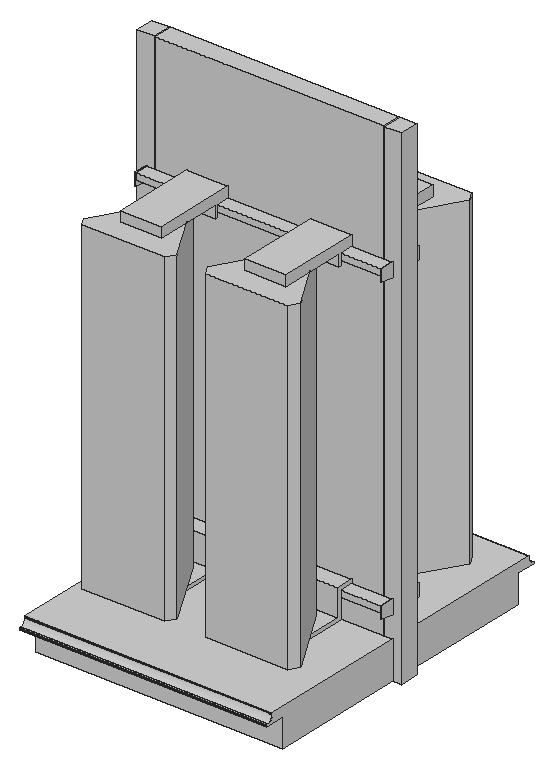
Revit family "RD1", category Specialty Equipment, Revit 2012
Parameters (values of type "Maxi Line Starter (Default)")
  Width = 3' - 0"
  URL = "http://madixinc.com/display/maxiline/core.html"
  Model = "Maxi Line"
  Manufacturer = "© 2012 Madix, Inc. All rights reserved."
  Back [instance] = yes
  "Front" Shelf Depth = 1' - 10"
  "Back" Shelf Depth = 1' - 10"
  Upright Height = 6' - 0"
Reference planes (in)
  plane 1 "Center (Front/Back)": y = 0
  plane 2: z = 0
  plane 3 "Center (Left/Right)": x = 0
  plane 4: y = 1.375
  plane 5: y = -1.375
  plane 6: z = 72
  plane 7: z = 0
  plane 8: y = -24.25
  plane 9: x = -18
  plane 10: x = 18
  plane 11: x = -17.875
  plane 12: x = 17.875
  plane 13: y = 24.25
  plane 14: y = 23.375
  plane 15: y = -23.375
  plane 16: z = 6.70818
  plane 17: z = 54.70818
  plane 18: z = 53.70818
  plane 19: z = 9.70818
  plane 20: z = 10.70818
  plane 21: y = -3.375
  plane 22: y = 3.375
  plane 23: x = -9
  plane 24: x = 9
  plane 25: x = -12
  plane 26: x = -6
  plane 27: x = 6
  plane 28: x = 12
Forms (in)
  Extrusion 1, solid, material "Metal - Steel"
    sketch origin (-24, 1.375, 0) x (1, 0, 0) y (0, 0, 1)
      loop
        line (6, 0) -> (7.25, 0) -> (42, 0) -> (43.25, 0) -> (43.25, 72) -> (40.75, 72) -> (40.75, 0.03125) -> (40.71924, 0.03125) -> (40.71924, 72) -> (7.2815, 72) -> (7.2815, 0.03125) -> (7.25, 0.03125) -> (7.25, 72) -> (4.75, 72) -> (4.75, 0) -> (6, 0)
    from 0 to 2.75
  Extrusion 2, solid, material "Metal - Steel"
    sketch origin (0, 0, 0) x (0, 1, 0) y (0, 0, 1)
      loop
        line (-1.375, 0) -> (-1.375, 5.5) -> (-23.375, 5.5) -> (-23.50139, 5.5) -> (-23.50139, 5.375) -> (-23.375, 5.375)
        arc (-23.375, 5.375) -> (-23.63696, 4.73714) -> (-24.125, 4.25) r 1.75
        line (-24.125, 4.25) -> (-24.125, 4.375) -> (-24.25, 4.375) -> (-24.25, 4.25) -> (-24.25, 4.125) -> (-21.375, 4.125) -> (-21.375, 0) -> (-1.375, 0)
    from -18 to 18
  Extrusion 3, solid, material "Metal - Steel", visible <- "Back"
    sketch origin (0, 0, 0) x (0, -1, 0) y (0, 0, -1)
      loop
        line (-1.375, 0) -> (-21.375, 0) -> (-21.375, -4.125) -> (-24.25, -4.125) -> (-24.25, -4.25) -> (-24.25, -4.375) -> (-24.125, -4.375) -> (-24.125, -4.25)
        arc (-24.125, -4.25) -> (-23.63696, -4.73714) -> (-23.375, -5.375) r 1.75
        line (-23.375, -5.375) -> (-23.50139, -5.375) -> (-23.50139, -5.5) -> (-23.375, -5.5) -> (-1.375, -5.5) -> (-1.375, 0)
    from -18 to 18
  Extrusion 4, solid, material "Metal - Steel"
    sketch origin (0, 0, 0) x (1, 0, 0) y (0, 0, 1)
      loop
        line (-17.875, 54.70818) -> (-17.875, 53.70818) -> (17.875, 53.70818) -> (17.875, 54.70818) -> (-17.875, 54.70818)
      loop
        line (-17.875, 10.70818) -> (-17.875, 9.70818) -> (17.875, 9.70818) -> (17.875, 10.70818) -> (-17.875, 10.70818)
    from 1.375 to 3.375
  Extrusion 5, solid, material "Metal - Steel", visible <- "Back"
    sketch origin (0, 0, 0) x (1, 0, 0) y (0, 0, -1)
      loop
        line (-17.875, -54.70818) -> (17.875, -54.70818) -> (17.875, -53.70818) -> (-17.875, -53.70818) -> (-17.875, -54.70818)
      loop
        line (-17.875, -10.70818) -> (17.875, -10.70818) -> (17.875, -9.70818) -> (-17.875, -9.70818) -> (-17.875, -10.70818)
    from 1.375 to 3.375
  Extrusion 6, solid, material "Metal - Steel"
    sketch origin (0, 0, 0) x (0, 1, 0) y (0, 0, 1)
      loop
        line (-1.375, 54.70818) -> (-3.375, 54.70818) -> (-3.375, 52.95818) -> (-1.375, 52.60553) -> (-1.375, 54.70818)
      loop
        line (-1.375, 10.70818) -> (-3.375, 10.70818) -> (-3.375, 8.95818) -> (-1.375, 8.60553) -> (-1.375, 10.70818)
    from 17.875 to 18
  Extrusion 7, solid, material "Metal - Steel"
    sketch origin (0, 0, 0) x (0, 1, 0) y (0, 0, -1)
      loop
        line (-1.375, -54.70818) -> (-1.375, -52.60553) -> (-3.375, -52.95818) -> (-3.375, -54.70818) -> (-1.375, -54.70818)
      loop
        line (-1.375, -10.70818) -> (-1.375, -8.60553) -> (-3.375, -8.95818) -> (-3.375, -10.70818) -> (-1.375, -10.70818)
    from 17.875 to 18
  Extrusion 8, solid, material "Metal - Steel"
    sketch origin (0, 0, 0) x (0, 1, 0) y (0, 0, 1)
      loop
        line (-3.375, 54.70818) -> (-1.375, 54.70818) -> (-1.375, 56.20818) -> (-13.375, 56.20818) -> (-13.375, 54.70818) -> (-3.625, 54.70818) -> (-3.625, 52.95818) -> (-3.375, 52.95818) -> (-3.375, 54.70818)
    from -12 to -6
  Extrusion 9, solid, material "Metal - Steel", visible <- "Back"
    sketch origin (-24, 1.375, 77.5) x (1, 0, 0) y (0, 1, 0)
      loop
        line (26.24445, 14.0343) -> (32.25, 3.63237) -> (33.75, 3.63237) -> (39.75555, 14.0343) -> (39.00555, 15.33333) -> (26.99445, 15.33333) -> (26.24445, 14.0343)
    from -70.29182 to -22.79182
  Extrusion 10, solid, material "Metal - Steel", visible <- "Back"
    sketch origin (0, 0, 0) x (0, 1, 0) y (0, 0, 1)
      loop
        line (1.375, 10.70818) -> (3.375, 10.70818) -> (3.375, 6.70818) -> (13.375, 6.70818) -> (13.375, 7.20818) -> (3.875, 7.20818) -> (3.875, 11.20818) -> (1.375, 11.20818) -> (1.375, 10.70818)
    from -12 to -6
  Extrusion 11, solid, material "Metal - Steel", visible <- "Back"
    sketch origin (0, 0, 0) x (0, 1, 0) y (0, 0, -1)
      loop
        line (1.375, -10.70818) -> (1.375, -11.20818) -> (3.875, -11.20818) -> (3.875, -7.20818) -> (13.375, -7.20818) -> (13.375, -6.70818) -> (3.375, -6.70818) -> (3.375, -10.70818) -> (1.375, -10.70818)
    from -12 to -6
  Extrusion 12, solid, material "Metal - Steel"
    sketch origin (0, 0, 0) x (0, -1, 0) y (0, 0, 1)
      loop
        line (1.375, 10.70818) -> (3.375, 10.70818) -> (3.375, 6.70818) -> (13.375, 6.70818) -> (13.375, 7.20818) -> (3.875, 7.20818) -> (3.875, 11.20818) -> (1.375, 11.20818) -> (1.375, 10.70818)
    from -12 to -6
  Extrusion 13, solid, material "Metal - Steel"
    sketch origin (0, 0, 0) x (0, -1, 0) y (0, 0, -1)
      loop
        line (1.375, -10.70818) -> (1.375, -11.20818) -> (3.875, -11.20818) -> (3.875, -7.20818) -> (13.375, -7.20818) -> (13.375, -6.70818) -> (3.375, -6.70818) -> (3.375, -10.70818) -> (1.375, -10.70818)
    from -12 to -6
  Extrusion 14, solid, material "Metal - Steel", visible <- "Back"
    sketch origin (24, 1.375, 77.5) x (-1, 0, 0) y (0, -1, 0)
      loop
        line (26.24445, -14.0343) -> (26.99445, -15.33333) -> (39.00555, -15.33333) -> (39.75555, -14.0343) -> (33.75, -3.63237) -> (32.25, -3.63237) -> (26.24445, -14.0343)
    from -70.29182 to -22.79182
  Extrusion 15, solid, material "Metal - Steel"
    sketch origin (24, -1.375, 77.5) x (-1, 0, 0) y (0, -1, 0)
      loop
        line (26.24445, 14.0343) -> (32.25, 3.63237) -> (33.75, 3.63237) -> (39.75555, 14.0343) -> (39.00555, 15.33333) -> (26.99445, 15.33333) -> (26.24445, 14.0343)
    from -70.29182 to -22.79182
  Extrusion 16, solid, material "Metal - Steel"
    sketch origin (-24, -1.375, 77.5) x (1, 0, 0) y (0, 1, 0)
      loop
        line (26.24445, -14.0343) -> (26.99445, -15.33333) -> (39.00555, -15.33333) -> (39.75555, -14.0343) -> (33.75, -3.63237) -> (32.25, -3.63237) -> (26.24445, -14.0343)
    from -70.29182 to -22.79182
  Extrusion 17, solid, material "Metal - Steel", visible <- "Back"
    sketch origin (0, 0, 0) x (0, -1, 0) y (0, 0, 1)
      loop
        line (-1.375, 54.70818) -> (-3.375, 54.70818) -> (-3.375, 52.95818) -> (-1.375, 52.60553) -> (-1.375, 54.70818)
      loop
        line (-1.375, 10.70818) -> (-3.375, 10.70818) -> (-3.375, 8.95818) -> (-1.375, 8.60553) -> (-1.375, 10.70818)
    from 17.875 to 18
  Extrusion 18, solid, material "Metal - Steel", visible <- "Back"
    sketch origin (0, 0, 0) x (0, -1, 0) y (0, 0, -1)
      loop
        line (-1.375, -54.70818) -> (-1.375, -52.60553) -> (-3.375, -52.95818) -> (-3.375, -54.70818) -> (-1.375, -54.70818)
      loop
        line (-1.375, -10.70818) -> (-1.375, -8.60553) -> (-3.375, -8.95818) -> (-3.375, -10.70818) -> (-1.375, -10.70818)
    from 17.875 to 18
  Extrusion 19, solid, material "Metal - Steel", visible <- "Back"
    sketch origin (0, 0, 0) x (0, -1, 0) y (0, 0, -1)
      loop
        line (-3.375, -54.70818) -> (-3.375, -52.95818) -> (-3.625, -52.95818) -> (-3.625, -54.70818) -> (-13.375, -54.70818) -> (-13.375, -56.20818) -> (-1.375, -56.20818) -> (-1.375, -54.70818) -> (-3.375, -54.70818)
    from -12 to -6
  Extrusion 20, solid, material "Metal - Steel", visible <- "Back"
    sketch origin (0, 0, 0) x (0, -1, 0) y (0, 0, 1)
      loop
        line (-3.375, 54.70818) -> (-1.375, 54.70818) -> (-1.375, 56.20818) -> (-13.375, 56.20818) -> (-13.375, 54.70818) -> (-3.625, 54.70818) -> (-3.625, 52.95818) -> (-3.375, 52.95818) -> (-3.375, 54.70818)
    from -12 to -6
  Extrusion 21, solid, material "Metal - Steel"
    sketch origin (0, 0, 0) x (0, 1, 0) y (0, 0, -1)
      loop
        line (-3.375, -54.70818) -> (-3.375, -52.95818) -> (-3.625, -52.95818) -> (-3.625, -54.70818) -> (-13.375, -54.70818) -> (-13.375, -56.20818) -> (-1.375, -56.20818) -> (-1.375, -54.70818) -> (-3.375, -54.70818)
    from -12 to -6
Lines and regions (in)
  Split face 1
    outline origin (-24, -1.375, 0) x (1, 0, 0) y (0, 0, 1)
      loop
        line (7.2815, 72) -> (7.2815, 0.03125) -> (40.71924, 0.03125) -> (40.71924, 72)
  Split face 2
    outline origin (-24, 1.375, 0) x (1, 0, 0) y (0, 0, 1)
      loop
        line (40.71924, 72) -> (40.71924, 0.03125) -> (7.2815, 0.03125) -> (7.2815, 72)
Dimensions and locks (in)
  "Upright Height": plane 6 to level
  ""Front" Shelf Depth": plane 15 to plane 5
  equal spacing: plane 9, plane 3 "Center (Left/Right)", plane 10
  "Width": plane 9 to plane 10
  locked: plane 9 to plane 11 at 0.125
  locked: plane 12 to plane 10 at 0.125
  ""Back" Shelf Depth": plane 4 to plane 14
  locked: plane 14 to plane 13 at 0.875
  locked: plane 15 to plane 8 at 0.875
  aligned and locked: level to plane 2
  aligned and locked: plane 8 to Extrusion 2
  aligned and locked: Extrusion 2 to plane 5
  aligned and locked: plane 9 to Extrusion 2
  aligned and locked: plane 10 to Extrusion 2
  aligned and locked: Extrusion 3 to Extrusion 2
  aligned and locked: Extrusion 2 to Extrusion 3
  aligned and locked: plane 9 to Extrusion 3
  aligned and locked: Extrusion 3 to plane 13
  aligned and locked: Extrusion 1 to plane 6  (x2)
  aligned and locked: plane 14 to Extrusion 3
  aligned and locked: plane 15 to Extrusion 2
Automatic sketch dimensions
  Extrusion 1 sketch curve to level = 0' - 0"
  Extrusion 1 sketch curve to plane 6 = 0' - 0"  (x3)
  plane 9 to Extrusion 1 sketch curve = 0' - 0"
  plane 10 to Extrusion 1 sketch curve = 0' - 0"
  plane 9 to Extrusion 1 sketch curve = 0' - 1 1/4"
  plane 11 to Extrusion 1 sketch curve = 0' - 1 1/8"  (x2)
  Extrusion 1 sketch curve to Extrusion 1 sketch curve = 0' - 0.0315"
  plane 12 to Extrusion 1 sketch curve = 0' - 1.15576"
  Extrusion 1 sketch curve to Extrusion 1 sketch curve = 0' - 0.03076"
  Extrusion 1 sketch curve to plane 10 = 0' - 1 1/4"
  level to Extrusion 1 sketch curve = 0' - 0 1/32"  (x2)
  Extrusion 2 sketch curve to plane 8 = 0' - 0"
  Extrusion 2 sketch curve to plane 15 = 0' - 0"  (x2)
  Extrusion 2 sketch curve to level = 0' - 0"
  Extrusion 2 sketch curve to plane 5 = 0' - 0"
  Extrusion 2 sketch curve to plane 8 = 0' - 0.84305"
  Extrusion 2 sketch curve to Extrusion 2 sketch curve = 0' - 0 1/8"  (x5)
  Extrusion 2 sketch curve to plane 15 = 0' - 0.12639"
  plane 15 to Extrusion 2 sketch curve = 0' - 2"
  Extrusion 2 sketch curve to plane 16 = 0' - 2.58318"
  Extrusion 2 sketch curve to Extrusion 2 sketch curve = 0' - 1"
  Split face 1 sketch curve to Extrusion 1 = 0' - 0"  (x4)
  Extrusion 1 to Split face 1 sketch curve = 0' - 0"
  Extrusion 3 sketch curve to plane 13 = 0' - 0"
  Extrusion 3 sketch curve to plane 14 = 0' - 0"  (x2)
  Extrusion 3 sketch curve to level = 0' - 0"
  Extrusion 3 sketch curve to plane 4 = 0' - 0"
  plane 13 to Extrusion 3 sketch curve = 0' - 0.84305"
  Extrusion 3 sketch curve to plane 13 = 0' - 0 1/8"
  plane 14 to Extrusion 3 sketch curve = 0' - 0.12639"
  Extrusion 3 sketch curve to plane 14 = 0' - 2"
  plane 16 to Extrusion 3 sketch curve = 0' - 2.58318"
  Extrusion 3 sketch curve to Extrusion 3 sketch curve = 0' - 0 1/8"  (x3)
  Extrusion 3 sketch curve to Extrusion 3 sketch curve = 0' - 0"
  Extrusion 3 sketch curve to Extrusion 3 sketch curve = 0' - 1"
  Split face 2 sketch curve to Extrusion 1 = 0' - 0"  (x4)
  Extrusion 1 to Split face 2 sketch curve = 0' - 0"
  Extrusion 4 sketch curve to plane 11 = 0' - 0"  (x2)
  plane 12 to Extrusion 4 sketch curve = 0' - 0"  (x2)
  Extrusion 4 sketch curve to plane 19 = 0' - 0"
  Extrusion 4 sketch curve to plane 20 = 0' - 0"
  Extrusion 4 sketch curve to plane 18 = 0' - 0"
  Extrusion 4 sketch curve to plane 17 = 0' - 0"
  Extrusion 5 sketch curve to plane 11 = 0' - 0"  (x2)
  plane 12 to Extrusion 5 sketch curve = 0' - 0"  (x2)
  Extrusion 5 sketch curve to plane 17 = 0' - 0"
  Extrusion 5 sketch curve to plane 18 = 0' - 0"
  Extrusion 5 sketch curve to plane 20 = 0' - 0"
  Extrusion 5 sketch curve to plane 19 = 0' - 0"
  Extrusion 6 sketch curve to plane 21 = 0' - 0"  (x2)
  Extrusion 6 sketch curve to plane 17 = 0' - 0"
  Extrusion 6 sketch curve to plane 5 = 0' - 0"  (x2)
  Extrusion 6 sketch curve to plane 20 = 0' - 0"
  Extrusion 6 sketch curve to plane 19 = 0' - 0 3/4"
  Extrusion 6 sketch curve to plane 19 = 0' - 1.10265"
  Extrusion 6 sketch curve to plane 18 = 0' - 1.10265"
  Extrusion 6 sketch curve to plane 18 = 0' - 0 3/4"
  Extrusion 7 sketch curve to plane 21 = 0' - 0"  (x2)
  Extrusion 7 sketch curve to plane 17 = 0' - 0"
  Extrusion 7 sketch curve to plane 5 = 0' - 0"  (x2)
  Extrusion 7 sketch curve to plane 20 = 0' - 0"
  Extrusion 7 sketch curve to plane 18 = 0' - 0 3/4"
  Extrusion 7 sketch curve to plane 18 = 0' - 1.10265"
  Extrusion 7 sketch curve to plane 19 = 0' - 0 3/4"
  Extrusion 7 sketch curve to plane 19 = 0' - 1.10265"
  Extrusion 8 sketch curve to plane 17 = 0' - 0"  (x2)
  Extrusion 8 sketch curve to plane 21 = 0' - 0"
  Extrusion 8 sketch curve to plane 5 = 0' - 0"
  Extrusion 8 sketch curve to plane 21 = 0' - 0 1/4"
  plane 17 to Extrusion 8 sketch curve = 0' - 1 1/2"
  Extrusion 8 sketch curve to Extrusion 8 sketch curve = 0' - 9 3/4"
  Extrusion 8 sketch curve to plane 18 = 0' - 0 3/4"
  plane 3 "Center (Left/Right)" to Extrusion 9 sketch curve = 0' - 2.24445"
  Extrusion 9 sketch curve to Extrusion 9 sketch curve = 0' - 0 3/4"  (x2)
  Extrusion 9 sketch curve to plane 24 = 0' - 0 3/4"
  plane 24 to Extrusion 9 sketch curve = 0' - 0 3/4"
  plane 12 to Extrusion 9 sketch curve = 0' - 2.86945"
  Extrusion 9 sketch curve to plane 22 = 0' - 1.63237"
  plane 14 to Extrusion 9 sketch curve = 0' - 7.9657"  (x2)
  Extrusion 9 sketch curve to Extrusion 9 sketch curve = 0' - 1.29904"
  Extrusion 10 sketch curve to plane 4 = 0' - 0"
  Extrusion 10 sketch curve to plane 16 = 0' - 0"
  Extrusion 10 sketch curve to plane 22 = 0' - 0"
  Extrusion 10 sketch curve to plane 20 = 0' - 0"
  Extrusion 10 sketch curve to plane 22 = 0' - 0 1/2"
  Extrusion 10 sketch curve to Extrusion 10 sketch curve = 0' - 9 1/2"
  plane 16 to Extrusion 10 sketch curve = 0' - 0 1/2"
  plane 20 to Extrusion 10 sketch curve = 0' - 0 1/2"
  Extrusion 11 sketch curve to plane 4 = 0' - 0"
  Extrusion 11 sketch curve to plane 16 = 0' - 0"
  Extrusion 11 sketch curve to plane 22 = 0' - 0"
  Extrusion 11 sketch curve to plane 20 = 0' - 0"
  Extrusion 11 sketch curve to plane 22 = 0' - 0 1/2"
  Extrusion 11 sketch curve to Extrusion 11 sketch curve = 0' - 9 1/2"
  Extrusion 11 sketch curve to Extrusion 11 sketch curve = 0' - 0 1/2"
  plane 16 to Extrusion 11 sketch curve = 0' - 0 1/2"
  Extrusion 12 sketch curve to plane 5 = 0' - 0"
  Extrusion 12 sketch curve to plane 16 = 0' - 0"
  Extrusion 12 sketch curve to plane 21 = 0' - 0"
  Extrusion 12 sketch curve to plane 20 = 0' - 0"
  Extrusion 12 sketch curve to plane 21 = 0' - 0 1/2"
  Extrusion 12 sketch curve to Extrusion 12 sketch curve = 0' - 9 1/2"
  plane 16 to Extrusion 12 sketch curve = 0' - 0 1/2"
  plane 20 to Extrusion 12 sketch curve = 0' - 0 1/2"
  Extrusion 13 sketch curve to plane 5 = 0' - 0"
  Extrusion 13 sketch curve to plane 16 = 0' - 0"
  Extrusion 13 sketch curve to plane 21 = 0' - 0"
  Extrusion 13 sketch curve to plane 20 = 0' - 0"
  Extrusion 13 sketch curve to plane 21 = 0' - 0 1/2"
  Extrusion 13 sketch curve to Extrusion 13 sketch curve = 0' - 9 1/2"
  Extrusion 13 sketch curve to Extrusion 13 sketch curve = 0' - 0 1/2"
  plane 16 to Extrusion 13 sketch curve = 0' - 0 1/2"
  Extrusion 14 sketch curve to plane 3 "Center (Left/Right)" = 0' - 2.24445"
  Extrusion 14 sketch curve to Extrusion 14 sketch curve = 0' - 0 3/4"  (x2)
  plane 23 to Extrusion 14 sketch curve = 0' - 0 3/4"
  Extrusion 14 sketch curve to plane 23 = 0' - 0 3/4"
  plane 11 to Extrusion 14 sketch curve = 0' - 2.86945"
  plane 14 to Extrusion 14 sketch curve = 0' - 6.66667"
  Extrusion 14 sketch curve to Extrusion 14 sketch curve = 0' - 1.29904"  (x2)
  Extrusion 14 sketch curve to plane 22 = 0' - 1.63237"
  Extrusion 15 sketch curve to plane 3 "Center (Left/Right)" = 0' - 2.24445"
  Extrusion 15 sketch curve to Extrusion 15 sketch curve = 0' - 0 3/4"  (x2)
  plane 23 to Extrusion 15 sketch curve = 0' - 0 3/4"
  Extrusion 15 sketch curve to plane 23 = 0' - 0 3/4"
  plane 11 to Extrusion 15 sketch curve = 0' - 2.86945"
  Extrusion 15 sketch curve to plane 21 = 0' - 1.63237"
  plane 15 to Extrusion 15 sketch curve = 0' - 7.9657"  (x2)
  Extrusion 15 sketch curve to Extrusion 15 sketch curve = 0' - 1.29904"
  plane 3 "Center (Left/Right)" to Extrusion 16 sketch curve = 0' - 2.24445"
  Extrusion 16 sketch curve to Extrusion 16 sketch curve = 0' - 0 3/4"  (x2)
  Extrusion 16 sketch curve to plane 24 = 0' - 0 3/4"
  plane 24 to Extrusion 16 sketch curve = 0' - 0 3/4"
  plane 12 to Extrusion 16 sketch curve = 0' - 2.86945"
  plane 15 to Extrusion 16 sketch curve = 0' - 6.66667"
  Extrusion 16 sketch curve to Extrusion 16 sketch curve = 0' - 1.29904"  (x2)
  Extrusion 16 sketch curve to plane 21 = 0' - 1.63237"
  Extrusion 17 sketch curve to plane 22 = 0' - 0"  (x2)
  Extrusion 17 sketch curve to plane 17 = 0' - 0"
  Extrusion 17 sketch curve to plane 4 = 0' - 0"  (x2)
  Extrusion 17 sketch curve to plane 20 = 0' - 0"
  Extrusion 17 sketch curve to plane 19 = 0' - 0 3/4"
  Extrusion 17 sketch curve to plane 19 = 0' - 1.10265"
  Extrusion 17 sketch curve to plane 18 = 0' - 1.10265"
  Extrusion 17 sketch curve to plane 18 = 0' - 0 3/4"
  Extrusion 18 sketch curve to plane 22 = 0' - 0"  (x2)
  Extrusion 18 sketch curve to plane 17 = 0' - 0"
  Extrusion 18 sketch curve to plane 4 = 0' - 0"  (x2)
  Extrusion 18 sketch curve to plane 20 = 0' - 0"
  plane 19 to Extrusion 18 sketch curve = 0' - 0 3/4"
  plane 19 to Extrusion 18 sketch curve = 0' - 1.10265"
  plane 18 to Extrusion 18 sketch curve = 0' - 1.10265"
  plane 18 to Extrusion 18 sketch curve = 0' - 0 3/4"
  Extrusion 19 sketch curve to plane 17 = 0' - 0"  (x2)
  Extrusion 19 sketch curve to plane 22 = 0' - 0"
  Extrusion 19 sketch curve to plane 4 = 0' - 0"
  Extrusion 19 sketch curve to plane 22 = 0' - 0 1/4"
  plane 17 to Extrusion 19 sketch curve = 0' - 1 1/2"
  Extrusion 19 sketch curve to Extrusion 19 sketch curve = 0' - 9 3/4"
  Extrusion 19 sketch curve to plane 18 = 0' - 0 3/4"
  Extrusion 20 sketch curve to plane 17 = 0' - 0"  (x2)
  Extrusion 20 sketch curve to plane 22 = 0' - 0"
  Extrusion 20 sketch curve to plane 4 = 0' - 0"
  Extrusion 20 sketch curve to plane 22 = 0' - 0 1/4"
  plane 17 to Extrusion 20 sketch curve = 0' - 1 1/2"
  Extrusion 20 sketch curve to Extrusion 20 sketch curve = 0' - 9 3/4"
  Extrusion 20 sketch curve to plane 18 = 0' - 0 3/4"
  Extrusion 21 sketch curve to plane 17 = 0' - 0"  (x2)
  Extrusion 21 sketch curve to plane 21 = 0' - 0"
  Extrusion 21 sketch curve to plane 5 = 0' - 0"
  Extrusion 21 sketch curve to plane 21 = 0' - 0 1/4"
  plane 17 to Extrusion 21 sketch curve = 0' - 1 1/2"
  Extrusion 21 sketch curve to Extrusion 21 sketch curve = 0' - 9 3/4"
  Extrusion 21 sketch curve to plane 18 = 0' - 0 3/4"
